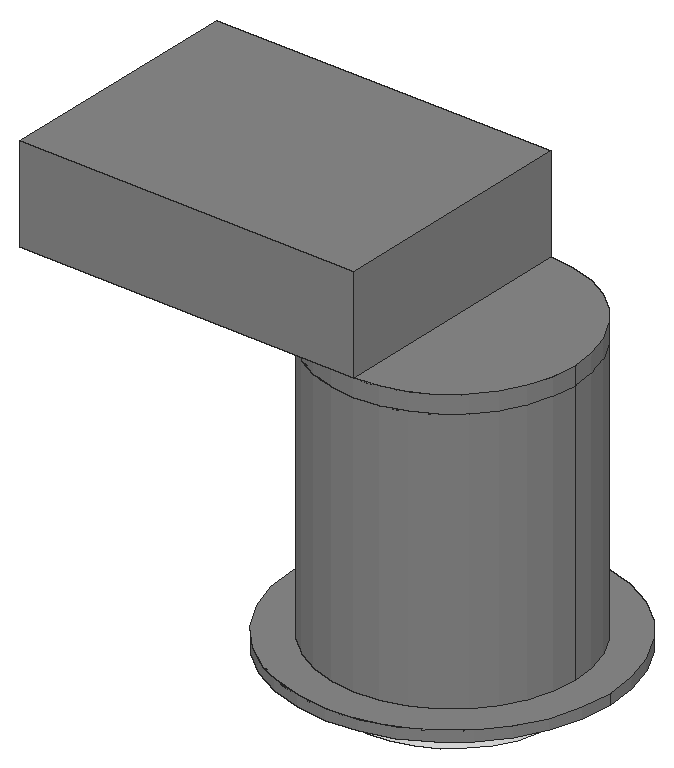
Revit family "Punkt90_LED", category Lighting Fixtures, host Ceiling, Revit 2014
Parameters
  Wattage = 16.1571 W
  built-in parameter 1150110 = 1 (stored number, unit not read)
  built-in parameter 1114217 = 1 (stored number, unit not read)
  Tilt Angle = 90.00°
  built-in parameter 1150109 = 1 (stored number, unit not read)
  built-in parameter 1150134 = (empty or 0)
  built-in parameter 1150113 = 1 (stored number, unit not read)
  built-in parameter 1010507 = 1.5708 (stored number, unit not read)
  built-in parameter 1010506 = 0.5236 (stored number, unit not read)
  Metal Frame = FocusLightning_Metal Frame
  Lumens = 2400 lm
  built-in parameter 1150115 = 1 (stored number, unit not read)
  built-in parameter 1150105 = 8024.6 (stored number, unit not read)
  built-in parameter 1150131 = 3048.00 mm
  built-in parameter 1150137 = (empty or 0)
  built-in parameter 1150139 = (empty or 0)
  built-in parameter 1150112 = 1 (stored number, unit not read)
  built-in parameter 1150114 = 1 (stored number, unit not read)
  built-in parameter 1150132 = 2
  built-in parameter 1150102 = (empty or 0)
  built-in parameter 1150138 = (empty or 0)
  built-in parameter 1150107 = 3000 (stored number, unit not read)
  built-in parameter 1150106 = 80.246 (stored number, unit not read)
  Glass = FocusLightning_Glass
  built-in parameter 1150104 = 13.8 (stored number, unit not read)
  Dimming Lamp Color Temperature Shift = (empty or 0)
  Color Filter = 16777215
  built-in parameter 1114218 = 1 (stored number, unit not read)
  Light Source Symbol Length = 3048.00 mm
Reference planes
  plane 1 "Light Source Axis (F/B)": y = 0
  plane 2 "Ceiling": z = 2438.4
  plane 3 "Light Source Axis (L/R)": x = 0
  plane 4 "Light Source Elevation": z = 2438.4
Forms (mm)
  Extrusion 1, solid, material "FocusLightning_Metal Frame" <- "Metal Frame"
    sketch origin (0, 0, 2438.4) x (1, 0, 0) y (0, 1, 0)
      loop
        circle (0, 0) r 45
      loop
        circle (0, 0) r 35
    from 0 to -3
  Extrusion 2, solid, material "FocusLightning_Metal Frame" <- "Metal Frame"
    sketch origin (0, 0, 2438.4) x (1, 0, 0) y (0, 1, 0)
      loop
        circle (0, 0) r 35
      loop
        circle (0, 0) r 30
    from -1 to 75
  Extrusion 3, solid, material "FocusLightning_Glass" <- "Glass"
    sketch origin (0, 0, 2438.4) x (1, 0, 0) y (0, 1, 0)
      loop
        circle (0, 0) r 30
    from -1 to -13
  Extrusion 4, void
    sketch origin (0, 0, 2438.4) x (1, 0, 0) y (0, 1, 0)
      loop
        circle (0, 0) r 26.992
    from -13 to 75
  Extrusion 5, solid, material "FocusLightning_Metal Frame" <- "Metal Frame"
    sketch origin (0, 0, 2438.4) x (1, 0, 0) y (0, 1, 0)
      loop
        circle (0, 0) r 35
    from 75 to 80
  Extrusion 6, solid, material "FocusLightning_Metal Frame" <- "Metal Frame"
    sketch origin (0, 0, 2438.4) x (1, 0, 0) y (0, 1, 0)
      loop
        line (0, 35) -> (-95, 35) -> (-95, -35) -> (0, -35) -> (0, 35)
    from 80 to 107
Cuts and joins
  Extrusion 4 cuts Extrusion 3
  Extrusion 4 cuts Extrusion 5
Dimensions and locks
  equal spacing: host sketch curve, plane 3 "Light Source Axis (L/R)", host sketch curve
  equal spacing: host sketch curve, plane 1 "Light Source Axis (F/B)", host sketch curve
  host sketch curve to host sketch curve = 3048.00 mm  (x2)
  aligned and locked: imposter light to plane 3 "Light Source Axis (L/R)"
  aligned and locked: plane 1 "Light Source Axis (F/B)" to imposter light
  aligned and locked: plane 4 "Light Source Elevation" to imposter light
  aligned and locked: Extrusion 3 to Extrusion 4
  aligned and locked: Extrusion 5 to Extrusion 2
  aligned and locked: Extrusion 2 to Extrusion 4
